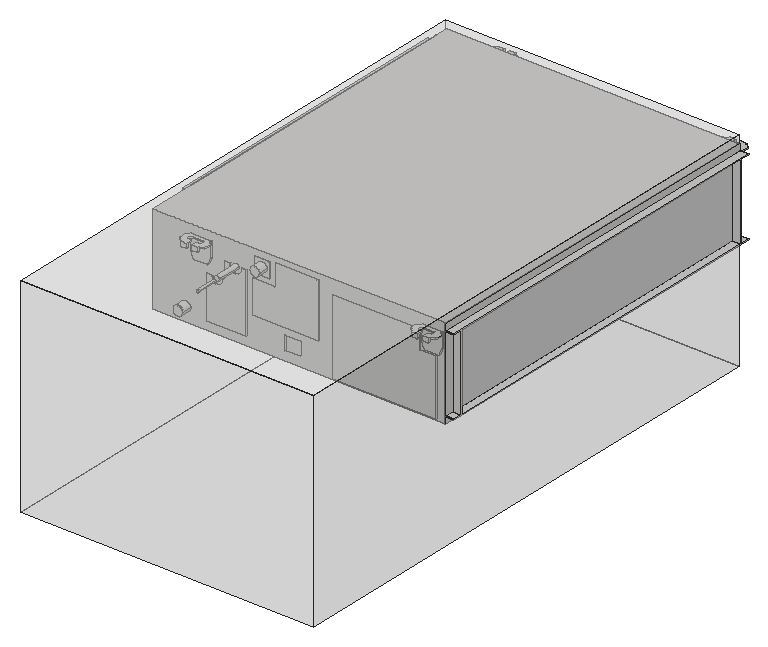
Revit family "outputfile", category 機械設備, Revit 2024
Family settings
  丸型コネクタ寸法 = 半径を使用
  パーツ タイプ = 標準
  OmniClass 番号 = 23.75.10.24.21.27.27
  OmniClass タイトル = Split System Air Conditioning Units
  作業面ベース = いいえ
  常に垂直 = はい
  ロード時にボイドで切り取り = いいえ
  注釈の向きを維持 = いいえ
  共有 = いいえ
  部屋計算ポイント = はい
Parameters (values of type "FXSA80AVMS")
  製造元 = "Daikin"
  書き出し IFC クラス(タイプ) = "IfcUnitaryEquipmentType"
  定義済み IFC タイプ(タイプ) = "AIRCONDITIONINGUNIT"
  モデル = "FXSA80AVMS"
  switch_frequency = yes
  r_Liquid Pipe Size = Liquid Pipe Size / 2  # 3.2 mm
  r_Gas Pipe Size = Gas Pipe Size / 2  # 6.35 mm
  r_Drain Pipe Size = Drain Pipe Size / 2  # 12.5 mm
  lw_power = 770.0 mm
  lh_SA = 138.0 mm
  lw_SA = if(Width = 550.0 mm, 225.0 mm, if(Width = 700.0 mm, 300.0 mm, if(Width = 1000.0 mm, 450.0 mm, if(Width = 1400.0 mm, 650.0 mm, 725.0 mm))))  # 450.0 mm
  lw_RA = if(Width = 550.0 mm, 275.0 mm, if(Width = 700.0 mm, 349.0 mm, if(Width = 1000.0 mm, 499.0 mm, if(Width = 1400.0 mm, 699.0 mm, 775.0 mm))))  # 499.0 mm
  lh_power = 60.0 mm + [h***]  # 60.0 mm
  lh_mountinghole1 = lh_mountinghole + [h***]  # 222.0 mm
  lh_RA = 123.0 mm
  ld_power = Width / 2  # 500.0 mm
  connector_voltage = Voltage_50Hz  # 220 V
  connector_powerinput = [Power Input (Cooling)]  # 0.126 kW
  connector_phase = Phase_50Hz  # 1
  Voltage_comment_50Hz = "220"
  Voltage_50Hz = 220 V
  Total Heating Capacity [instance] = 0.000 kW
  Supply Air Direction [instance] = yes
  Sound Power Level_H speed (dB) = 65.5
  Power Input (Heating) = 0.121 kW
  Phase_50Hz = 1
  Nominal Heating Capacity = 10.000 kW
  Minimum External Static Pressure = 50.00 Pa
  Minimum Circuit Amps_50Hz = 1.9 A
  Maximum Fuse Amps_50Hz = 16.0 A
  Maximum External Static Pressure = 150.00 Pa
  Material_Casing = DAIKIN_GalvanizedSteel_Casing_indoorunit
  lw_mountinghole = 630.0 mm
  lh_gaspipe = 183.0 mm + [h***]  # 183.0 mm
  lh_mountinghole = 222.0 mm
  lh_liquidpipe = 136.0 mm + [h***]  # 136.0 mm
  lh_drainpipe = 207.0 mm + [h***]  # 207.0 mm
  lh_antena = Height - lh_mountinghole + 1.0 mm  # 24.0 mm
  ld_drainpipe = Width / 2 + 26.0 mm  # 526.0 mm
  ld_liquidpipe = 569.0 mm
  ld_gaspipe = Width / 2 + 65.0 mm  # 565.0 mm
  ld_mountinghole = Width + 38.0 mm  # 1038.0 mm
  h*** = 0.0 mm
  lw_liquidpipe = 179.0 mm
  lw_gaspipe = 229.0 mm
  lw_drainpipe = 300.0 mm
  Width = 1000.0 mm
  Version = "ver.1.0"
  Unit Type = "Duct_M.S.P."
  Unit Mass Weight = 37.00 kg
  Unit Designation [instance] = ""
  Uniclass2015Version = "Products v1.30"
  Uniclass2015Title = "Variable refrigerant flow units"
  Uniclass2015Code = "Pr_70_65_03_94"
  Total Cooling Capacity [instance] = 0.000 kW
  Sound Pressure Level_M speed (dBA) = 34
  Sound Pressure Level_L speed (dBA) = 30
  Sound Pressure Level_H speed (dBA) = 37.5
  Series = "VRV Fan Coil Unit"
  Sensible Cooling Capacity [instance] = 0.000 kW
  SA Duct Size Width = 792.0 mm
  SA Duct Size Height = 176.0 mm
  Refrigerant Type = "R32"
  RA Duct Size Width = 952.0 mm
  RA Duct Size Height = 208.0 mm
  Power Input (Cooling) = 0.126 kW
  Option Accessory 3 [instance] = ""
  Option Accessory 2 [instance] = ""
  Option Accessory 1 [instance] = ""
  Nominal Cooling Capacity = 9.000 kW
  Minimum Airflow = 960.00 m³/h
  Median Airflow = 1170.00 m³/h
  Maximum Airflow = 1380.00 m³/h
  Load Classification = HVAC
  Liquid Pipe Size = 6.4 mm
  Link_Nested Family [instance] = ""
  IfcVersion = ""
  IfcExportType = "AIRCONDITIONINGUNIT"
  IfcExportAs = "IfcUnitaryEquipmentType"
  Height = 245.0 mm
  Heating Entering Wet Bulb Temperature [instance] = -273.15 °C
  Heating Entering Dry Bulb Temperature [instance] = -273.15 °C
  Heating Ambient Wet Bulb Temperature [instance] = -273.15 °C
  Heating Ambient Dry Bulb Temperature [instance] = -273.15 °C
  Heat Exchanger Type = "Cross Fin Coil"
  Gas Pipe Size = 12.7 mm
  Frequency_50Hz = 50 Hz
  Fan Type = "Sirocco Fan"
  Fan Drive = "Direct Drive"
  FCU Tag No. [instance] = ""
  Drain Pipe Size = 25.0 mm
  Design Supply Airflow [instance] = 0.00 m³/h
  Design Return Airflow [instance] = 0.00 m³/h
  Design External Static Pressure [instance] = 0.00 Pa
  Depth = 800.0 mm
  既定の高さ = 0.0 mm
  Cooling Entering Wet Bulb Temperature [instance] = 0.00 °C
  Cooling Entering Dry Bulb Temperature [instance] = 0.00 °C
  Cooling Ambient Wet Bulb Temperature [instance] = 0.00 °C
  Cooling Ambient Dry Bulb Temperature [instance] = 0.00 °C
  Clearance visibility [instance] = yes
  Clearance Top = 20.0 mm
  Clearance Right = 0.0 mm
  Clearance Rear = 0.0 mm
  Clearance Left = 0.0 mm
  Clearance Front = 450.0 mm
  Clearance Bottom = 300.0 mm
Reference planes
  plane 1 "Center (Front/Back)": y = 0
  plane 2 "h": z = 0
  plane 3 "Center (Left/Right)": x = 0
  plane 4 "Back": y = 500
  plane 5 "Front": y = -500
  plane 6 "Left": x = -400
  plane 7 "Right": x = 400
  plane 8 "Top": z = 0
  plane 9 "Bottom": z = -245
  plane 10: y = -215
  plane 11: y = 500
  plane 12: y = -950
  plane 13: x = -400
  plane 14: x = 400
  plane 15: z = 20
  plane 16: z = -545
  plane 17: x = -400
  plane 18: x = -399
  plane 19: x = 399
  plane 20: y = 50
  plane 21: y = -1
  plane 22: z = -122
  plane 23: y = -501
  plane 24: z = -109
  plane 25: x = -221
  plane 26: y = -565
  plane 27: z = -62
  plane 28: x = -171
  plane 29: y = -526
  plane 30: z = -38
  plane 31: x = -100
  plane 32: x = -100
  plane 33: x = -221
  plane 34: x = -171
  plane 35: x = 370
  plane 36: x = -266
  plane 37: x = 364
  plane 38: y = -519
  plane 39: y = 519
  plane 40: z = -23
  plane 41: z = -107
  plane 42: y = -569
  plane 43: z = -207
  plane 44: x = -309
  plane 45: y = -376
  plane 46: x = -251
  plane 47: x = -203
  plane 48: x = -144
  plane 49: z = -59
  plane 50: z = -106
  plane 51: z = -221
  plane 52: z = -109
  plane 53: x = -221
  plane 54: z = -62
  plane 55: x = -171
  plane 56: z = -17
  plane 57: z = -59
  plane 58: x = -121
  plane 59: x = -79
  plane 60: x = -125
  plane 61: x = -64
  plane 62: x = 53
  plane 63: z = -164
  plane 64: z = -73
  plane 65: z = -16
  plane 66: x = 93.5
  plane 67: x = 374.5
  plane 68: x = 330
  plane 69: z = -88.5
  plane 70: z = -38
  plane 71: z = -242.5
  plane 72: x = -38.5
  plane 73: x = 6.5
  plane 74: z = -181
  plane 75: z = -221
  plane 76: y = -499
  plane 77: x = -424
  plane 78: x = 424
Forms (mm)
  Extrusion 1, solid, material "DAIKIN_GalvanizedSteel_Casing_indoorunit" <- "Material_Casing"
    sketch origin (0, 0, 0) x (1, 0, 0) y (0, 1, 0)
      loop
        line (-399, 500) -> (-399, -500) -> (399, -500) -> (399, 500) -> (-399, 500)
    from -245 to 0
  Extrusion 2, solid, material "DAIKIN_GalvanizedSteel_Casing_indoorunit" <- "Material_Casing"
    sketch origin (0, 0, 0) x (1, 0, 0) y (0, 0, 1)
      loop
        line (-251, -221) -> (-144, -221) -> (-144, -59) -> (-154.47, -59)
        arc (-154.47, -59) -> (-171, -78.8) -> (-187.53, -59) r 16.8
        line (-187.53, -59) -> (-203, -59) -> (-203, -106) -> (-206.916, -106)
        arc (-206.916, -106) -> (-221, -123.4) -> (-235.084, -106) r 14.4
        line (-235.084, -106) -> (-251, -106) -> (-251, -221)
    from 500 to 501
  Extrusion 3, solid, material "DAIKIN_GalvanizedSteel_Casing_indoorunit" <- "Material_Casing"
    sketch origin (0, 0, 0) x (1, 0, 0) y (0, 0, 1)
      loop
        line (-121, -17) -> (-121, -59) -> (-79, -59) -> (-79, -17) -> (-121, -17)
      loop
        line (-125, -73) -> (-125, -164) -> (53, -164) -> (53, -16) -> (-64, -16) -> (-64, -73) -> (-125, -73)
    from 500 to 501
  Extrusion 4, solid, material "DAIKIN_GalvanizedSteel_Casing_indoorunit" <- "Material_Casing"
    sketch origin (0, 0, 0) x (1, 0, 0) y (0, 0, 1)
      loop
        line (93.5, -38) -> (93.5, -242.5) -> (374.5, -242.5) -> (374.5, -88.5) -> (330, -88.5) -> (330, -38) -> (93.5, -38)
    from 500 to 501
  Extrusion 5, solid, material "DAIKIN_GalvanizedSteel_Casing_indoorunit" <- "Material_Casing"
    sketch origin (0, 0, 0) x (1, 0, 0) y (0, 0, 1)
      loop
        circle (-221, -109) r 3.2
    from 500 to 569
  Extrusion 6, solid, material "DAIKIN_GalvanizedSteel_Casing_indoorunit" <- "Material_Casing"
    sketch origin (0, 0, 0) x (1, 0, 0) y (0, 0, 1)
      loop
        circle (-171, -62) r 6.35
    from 500 to 565
  Extrusion 7, solid, material "DAIKIN_GalvanizedSteel_Casing_indoorunit" <- "Material_Casing"
    sketch origin (0, 0, 0) x (1, 0, 0) y (0, 0, 1)
      loop
        circle (-100, -38) r 12.5
    from 501 to 526
  Extrusion 8, solid, material "DAIKIN_GalvanizedSteel_Casing_indoorunit" <- "Material_Casing"
    sketch origin (0, 0, 0) x (1, 0, 0) y (0, 0, 1)
      loop
        circle (-309, -207) r 13
    from 500 to 526
  Extrusion 9, void
    sketch origin (0, 0, 0) x (1, 0, 0) y (0, 0, 1)
      loop
        line (-38.5, -181) -> (-38.5, -221) -> (6.5, -221) -> (6.5, -181) -> (-38.5, -181)
    from 499 to 500
Cuts and joins
  Extrusion 9 cuts Extrusion 1
Dimensions and locks
  "Height": plane 8 "Top" to plane 9 "Bottom"
  equal spacing: plane 4 "Back", plane 1 "Center (Front/Back)", plane 5 "Front"
  "Width": plane 4 "Back" to plane 5 "Front"
  equal spacing: plane 6 "Left", plane 3 "Center (Left/Right)", plane 7 "Right"
  "Depth": plane 6 "Left" to plane 7 "Right"
  "Clearance Left": plane 13 to plane 6 "Left"
  "Clearance Right": plane 7 "Right" to plane 14
  "Clearance Rear": plane 11 to plane 4 "Back"
  "Clearance Front": plane 5 "Front" to plane 12
  "Clearance Top": plane 15 to plane 8 "Top"
  "Clearance Bottom": plane 9 "Bottom" to plane 16
  locked: plane 17 to plane 18 at 1
  locked: plane 19 to plane 14 at 1
  "lw_SA": plane 11 to plane 20
  "lw_RA": plane 21 to plane 5 "Front"
  "lh_RA": plane 22 to plane 9 "Bottom"
  locked: plane 5 "Front" to plane 23 at 1
  "lw_liquidpipe": plane 25 to plane 6 "Left"
  "lh_liquidpipe": plane 24 to plane 9 "Bottom"
  "lh_gaspipe": plane 27 to plane 9 "Bottom"
  "lw_gaspipe": plane 28 to plane 6 "Left"
  "ld_gaspipe": plane 26 to plane 1 "Center (Front/Back)"
  "ld_drainpipe": plane 29 to plane 1 "Center (Front/Back)"
  "lh_drainpipe": plane 30 to plane 9 "Bottom"
  "lw_drainpipe": plane 31 to plane 6 "Left"
  "lw_drainpipe": plane 6 "Left" to plane 32
  "lw_liquidpipe": plane 6 "Left" to plane 33
  "lw_gaspipe": plane 6 "Left" to plane 34
  "lw_power": plane 6 "Left" to plane 35
  locked: plane 17 to plane 36 at 134
  "lw_mountinghole": plane 36 to plane 37
  equal spacing: plane 38, plane 1 "Center (Front/Back)", plane 39
  "ld_mountinghole": plane 39 to plane 38
  "lh_mountinghole": plane 40 to plane 9 "Bottom"
  "lh_SA": plane 41 to plane 9 "Bottom"
  locked: plane 44 to plane 6 "Left" at 91
  locked: plane 43 to plane 9 "Bottom" at 38
  plane 48 to plane 47 to plane 46 to plane 6 "Left" = 59.0 mm, 48.0 mm, 149.0 mm
  plane 8 "Top" to plane 49 to plane 50 to plane 51 = 59.0 mm locked, 47.0 mm locked, 115.0 mm locked
  plane 55 to plane 53 to plane 6 "Left" = 50.0 mm locked, 179.0 mm locked
  plane 54 to plane 52 to plane 9 "Bottom" = 47.0 mm locked, 136.0 mm locked
  plane 59 to plane 58 to plane 6 "Left" = 42.0 mm locked, 279.0 mm locked
  plane 8 "Top" to plane 56 to plane 57 = 17.0 mm locked, 42.0 mm locked
  plane 62 to plane 61 to plane 60 to plane 6 "Left" = 117.0 mm, 61.0 mm, 275.0 mm
  plane 8 "Top" to plane 65 to plane 64 = 16.0 mm locked, 57.0 mm locked
  locked: plane 65 to plane 63 at 148
  plane 8 "Top" to plane 70 to plane 69 to plane 71 = 38.0 mm locked, 50.5 mm locked, 154.0 mm locked
  plane 67 to plane 68 to plane 66 to plane 6 "Left" = 44.5 mm locked, 236.5 mm locked, 493.5 mm locked
  plane 8 "Top" to plane 74 to plane 75 = 181.0 mm locked, 40.0 mm locked
  plane 73 to plane 72 to plane 6 "Left" = 45.0 mm, 361.5 mm
  locked: plane 76 to plane 5 "Front" at 1
  locked: plane 77 to plane 17 at 24
  locked: plane 14 to plane 78 at 24
  "ld_liquidpipe": plane 42 to plane 1 "Center (Front/Back)"
  "r_Liquid Pipe Size": radius of Extrusion 5 sketch curve
  "r_Gas Pipe Size": radius of Extrusion 6 sketch curve
  "r_Drain Pipe Size": radius of Extrusion 7 sketch curve
  aligned and locked: level to plane 2 "h"
  aligned and locked: plane 8 "Top" to Extrusion 1
  aligned and locked: Extrusion 1 to plane 9 "Bottom"
  aligned and locked: nested 5 to plane 12
  aligned and locked: plane 13 to nested 5
  aligned and locked: plane 14 to nested 5
  aligned and locked: nested 5 to plane 13
  aligned and locked: plane 11 to nested 5
  aligned and locked: plane 15 to nested 5
  aligned and locked: plane 16 to nested 5
  aligned and locked: plane 5 "Front" to Extrusion 1 sketch curve
  aligned and locked: Extrusion 1 to plane 18
  aligned and locked: plane 19 to Extrusion 1
  aligned and locked: nested 7 to plane 18
  aligned and locked: nested 7 to plane 20
  aligned and locked: plane 19 to nested 8
  aligned and locked: plane 21 to nested 8
  aligned and locked: plane 22 to nested 8
  aligned and locked: Extrusion 2 to plane 23
  aligned and locked: plane 5 "Front" to Extrusion 2
  aligned and locked: Extrusion 3 to plane 23
  aligned and locked: plane 5 "Front" to Extrusion 3
  aligned and locked: plane 5 "Front" to Extrusion 4
  aligned and locked: Extrusion 5 sketch curve to plane 25
  aligned and locked: plane 24 to Extrusion 5 sketch curve
  aligned and locked: plane 5 "Front" to Extrusion 5
  aligned and locked: Extrusion 6 sketch curve to plane 28
  aligned and locked: plane 27 to Extrusion 6 sketch curve
  aligned and locked: plane 5 "Front" to Extrusion 6
  aligned and locked: Extrusion 7 sketch curve to plane 31
  aligned and locked: Extrusion 7 sketch curve to plane 30
  aligned and locked: Extrusion 7 to plane 29
  aligned and locked: plane 23 to Extrusion 7
  aligned and locked: nested 3 to plane 29
  aligned and locked: plane 32 to nested 3
  aligned and locked: nested 2 to plane 33
  aligned and locked: nested 1 to plane 34
  aligned and locked: Extrusion 6 to plane 26
  aligned and locked: nested 1 to plane 26
  aligned and locked: nested 6 to plane 5 "Front"
  aligned and locked: nested 6 to plane 35
  aligned and locked: plane 36 to nested 10
  aligned and locked: nested 10 to plane 5 "Front"
  aligned and locked: plane 37 to nested 9
  aligned and locked: nested 9 to plane 5 "Front"
  aligned and locked: nested 11 to plane 36
  aligned and locked: plane 4 "Back" to nested 11
  aligned and locked: nested 12 to plane 37
  aligned and locked: plane 4 "Back" to nested 12
  aligned and locked: plane 40 to nested 10
  aligned and locked: plane 40 to nested 11
  aligned and locked: plane 40 to nested 9
  aligned and locked: plane 40 to nested 12
  aligned and locked: plane 36 to nested 14
  aligned and locked: nested 14 to plane 39
  aligned and locked: plane 37 to nested 13
  aligned and locked: nested 13 to plane 39
  aligned and locked: plane 37 to nested 16
  aligned and locked: plane 38 to nested 16
  aligned and locked: plane 38 to nested 15
  aligned and locked: plane 36 to nested 15
  aligned and locked: plane 17 to plane 6 "Left"
  aligned and locked: plane 41 to nested 7
  aligned and locked: Extrusion 5 to plane 42
  aligned and locked: nested 2 to plane 42
  aligned and locked: Extrusion 8 sketch curve to plane 44
  aligned and locked: plane 43 to Extrusion 8 sketch curve
  aligned and locked: plane 5 "Front" to Extrusion 8
  aligned and locked: Extrusion 3 sketch curve to plane 56
  aligned and locked: Extrusion 3 sketch curve to plane 58
  aligned and locked: plane 57 to Extrusion 3 sketch curve
  aligned and locked: plane 59 to Extrusion 3 sketch curve
  aligned and locked: Extrusion 4 to plane 23
  aligned and locked: Extrusion 9 sketch curve to plane 74
  aligned and locked: plane 75 to Extrusion 9 sketch curve
  aligned and locked: plane 73 to Extrusion 9 sketch curve
  aligned and locked: plane 5 "Front" to Extrusion 9
  aligned and locked: plane 76 to Extrusion 9
  aligned and locked: nested 17 to plane 20
  aligned and locked: nested 17 to plane 77
  aligned and locked: plane 21 to nested 18
  aligned and locked: plane 78 to nested 18
  aligned and locked: plane 41 to nested 17
  aligned and locked: nested 18 to plane 22
  aligned and locked: nested 4 to plane 3 "Center (Left/Right)"
  aligned and locked: plane 1 "Center (Front/Back)" to nested 4
  aligned and locked: level to plane 8 "Top"
  aligned and locked: Extrusion 8 to plane 29
Automatic sketch dimensions
  plane 6 "Left" to Extrusion 1 sketch curve = 1.0 mm
  Extrusion 1 sketch curve to plane 7 "Right" = 1.0 mm
  Extrusion 1 sketch curve to plane 4 "Back" = 0.0 mm
  Extrusion 2 sketch curve to plane 46 = 0.0 mm
  Extrusion 2 sketch curve to plane 33 = 0.0 mm
  Extrusion 2 sketch curve to plane 47 = 0.0 mm
  Extrusion 2 sketch curve to plane 34 = 0.0 mm
  Extrusion 2 sketch curve to plane 48 = 0.0 mm
  Extrusion 2 sketch curve to plane 51 = 0.0 mm
  Extrusion 2 sketch curve to plane 52 = 0.0 mm
  Extrusion 2 sketch curve to plane 50 = 0.0 mm  (x3)
  Extrusion 2 sketch curve to plane 54 = 0.0 mm
  Extrusion 2 sketch curve to plane 49 = 0.0 mm  (x3)
  plane 33 to Extrusion 2 sketch curve = 14.084 mm
  plane 34 to Extrusion 2 sketch curve = 16.53 mm
  Extrusion 3 sketch curve to plane 60 = 0.0 mm
  Extrusion 3 sketch curve to plane 61 = 0.0 mm
  Extrusion 3 sketch curve to plane 62 = 0.0 mm
  Extrusion 3 sketch curve to plane 63 = 0.0 mm
  Extrusion 3 sketch curve to plane 64 = 0.0 mm
  Extrusion 3 sketch curve to plane 65 = 0.0 mm
  Extrusion 4 sketch curve to plane 66 = 0.0 mm
  Extrusion 4 sketch curve to plane 68 = 0.0 mm
  Extrusion 4 sketch curve to plane 67 = 0.0 mm
  Extrusion 4 sketch curve to plane 71 = 0.0 mm
  Extrusion 4 sketch curve to plane 69 = 0.0 mm
  Extrusion 4 sketch curve to plane 70 = 0.0 mm
  Extrusion 9 sketch curve to plane 72 = 0.0 mm
  radius of Extrusion 8 sketch curve = 13.0 mm
Nested families
  nested 1: "daikin_connector_rotate2" at (-171, 0, -62), length <- "ld_gaspipe", built-in parameter 1001364 <- "lh_gaspipe", radius <- "r_Gas Pipe Size", type "daikin_connector_rotate2"
    with radius 6.35 mm, length 565.0 mm, angle_vertical 90.00°
  nested 2: "daikin_connector_rotate2" at (-221, 0, -109), length <- "ld_liquidpipe", built-in parameter 1001364 <- "lh_liquidpipe", radius <- "r_Liquid Pipe Size", type "daikin_connector_rotate2"
    with radius 3.2 mm, length 569.0 mm, angle_vertical 90.00°
  nested 3: "daikin_connector_rotate2" at (-100, 0, -38), length <- "ld_drainpipe", built-in parameter 1001364 <- "lh_drainpipe", radius <- "r_Drain Pipe Size", type "daikin_connector_rotate2"
    with radius 12.5 mm, length 526.0 mm, angle_vertical 90.00°
  nested 4: "daikin_△_symbolicline" at (0, 0, 245) x (0, -1, 0) z (0, 0, 1), built-in parameter 1001364 <- "Height", visible <- "Supply Air Direction", type "daikin_△_symbolicline"
    with length 200.0 mm
  nested 5: "daikin_clearancespace" at (0, -225, -262.381), visible <- "Clearance visibility", show <- "Clearance visibility", Link_Nested Family <- "Link_Nested Family", type "daikin_clearancespace"
    with width 800.0 mm, show yes, height 565.0 mm, depth 1450.0 mm, Link_Nested Family ""
  nested 6: "daikin_connector_rotate2" at (370, 0, -185), built-in parameter 1001364 <- "lh_power", length <- "ld_power", type "daikin_connector_rotate2"
    with radius 10.0 mm, length 500.0 mm, angle_vertical 90.00°
  nested 7: "daikin_ductflange_FXSA-AVMS2" at (-399, 50, -107) x (0, -1, 0) z (0, 0, 1), type "daikin_ductflange_FXSA-AVMS2"
    with width 792.0 mm, w 1000.0 mm
  nested 8: "daikin_ductflange_FXSA-AVMS" at (399, -1, -122) x (0, 1, 0) z (0, 0, 1), type "daikin_ductflange_FXSA-AVMS"
    with width 952.0 mm, lw 25.0 mm, w 1000.0 mm
  nested 9: "FXFSA-AVM" at (364, -500, -23), type "daikin_hangerfixture_FXFSA-AVM"
  nested 10: "FXFSA-AVM" at (-266, -500, -23), type "daikin_hangerfixture_FXFSA-AVM"
  nested 11: "FXFSA-AVM" at (-266, 500, -23) x (-1, 0, 0) z (0, 0, 1), type "daikin_hangerfixture_FXFSA-AVM"
  nested 12: "FXFSA-AVM" at (364, 500, -23) x (-1, 0, 0) z (0, 0, 1), type "daikin_hangerfixture_FXFSA-AVM"
  nested 13: "daikin_mountinghole" at (364, 519, -245), h_mountinghole <- "lh_mountinghole1", l_antenna <- "lh_antena", Link_Nested Family <- "Link_Nested Family", type "daikin_mountinghole"
    with show yes, l_antenna 24.0 mm, h_mountinghole 222.0 mm, Link_Nested Family ""
  nested 14: "daikin_mountinghole" at (-266, 519, -245), h_mountinghole <- "lh_mountinghole1", l_antenna <- "lh_antena", Link_Nested Family <- "Link_Nested Family", type "daikin_mountinghole"
    with show yes, l_antenna 24.0 mm, h_mountinghole 222.0 mm, Link_Nested Family ""
  nested 15: "daikin_mountinghole" at (-266, -519, -245), h_mountinghole <- "lh_mountinghole1", l_antenna <- "lh_antena", Link_Nested Family <- "Link_Nested Family", type "daikin_mountinghole"
    with show yes, l_antenna 24.0 mm, h_mountinghole 222.0 mm, Link_Nested Family ""
  nested 16: "daikin_mountinghole" at (364, -519, -245), h_mountinghole <- "lh_mountinghole1", l_antenna <- "lh_antena", Link_Nested Family <- "Link_Nested Family", type "daikin_mountinghole"
    with show yes, l_antenna 24.0 mm, h_mountinghole 222.0 mm, Link_Nested Family ""
  nested 17: "daikin_connector_rotate2" at (-400, 50, -107) x (0, -1, 0) z (0, 0, 1), type "daikin_connector_rotate2"
    with radius 10.0 mm, length 24.0 mm, angle_vertical 90.00°
  nested 18: "daikin_connector_rotate2" at (400, -1, -122) x (0, 1, 0) z (0, 0, 1), type "daikin_connector_rotate2"
    with radius 10.0 mm, length 24.0 mm, angle_vertical 90.00°
Connectors
  piping at (-100, -526, -38), diameter 25, driven by "r_Drain Pipe Size"
    settings: on nested 3, index 3, connector inside diameter 609.6 mm, connector length 0.0 mm, flow factor 0, pipe flow 0.00 m³/h, pressure drop 0.0 Pa, fitting loss kfactor 0, connector angle 0.00°, fixture units 0, engagement length 0.0 mm, angle of deflection 0.00°, flow configuration 1, flow direction 2, fitting loss method 4, system type 16, joint type 0, gender type 0, connector reference index -1, connector utility 0, adjustable connector no, is connector primary yes, connector description "Condensate Drain Piping"
  piping at (-171, -565, -62), diameter 12.7, driven by "r_Gas Pipe Size"
    settings: on nested 1, index 4, connector inside diameter 609.6 mm, connector length 0.0 mm, flow factor 0, pipe flow 0.00 m³/h, pressure drop 0.0 Pa, fitting loss kfactor 0, connector angle 0.00°, fixture units 0, engagement length 0.0 mm, angle of deflection 0.00°, flow configuration 1, flow direction 2, fitting loss method 0, system type 29, joint type 0, gender type 0, connector reference index -1, connector utility 0, adjustable connector no, is connector primary no, connector description "Refrigerant Gas Piping"
  piping at (-221, -569, -109), diameter 6.4, driven by "r_Liquid Pipe Size"
    settings: on nested 2, index 5, connector inside diameter 609.6 mm, connector length 0.0 mm, flow factor 0, pipe flow 0.00 m³/h, pressure drop 0.0 Pa, fitting loss kfactor 0, connector angle 0.00°, fixture units 0, engagement length 0.0 mm, angle of deflection 0.00°, flow configuration 1, flow direction 1, fitting loss method 0, system type 29, joint type 0, gender type 0, connector reference index -1, connector utility 0, adjustable connector no, is connector primary no, connector description "Refrigerant Liquid Piping"
  electrical at (370, -500, -185), driven by "Load Classification", driven by "connector_voltage", driven by "connector_phase", driven by "connector_powerinput"
    settings: on nested 6, index 6, voltage 220 V, apparent load 126 VA, apparent load phase1 0 VA, apparent load phase2 0 VA, apparent load phase3 0 VA, power factor 1, load classification "HVAC", number of poles 1, system type 30, power factor state 1, is connector primary yes, connector utility no, sub classification motor no, connector description "Power Supply"
  hvac at (-424, 50, -107), driven by "SA Duct Size Height", driven by "SA Duct Size Width"
    settings: on nested 17, index 7, duct flow 0.00 m³/h, flow factor 0, pres drop 0.00 Pa, loss coef 0, conn angle 0.00°, conn width 792.0 mm, conn height 176.0 mm, conn diameter 609.6 mm, duct sys type 1, conn prof type 1, flow config 0, flow direction 2, loss method 4, conn ref index -1, conn util no, is conn primary yes, conn desc "SA Duct"
  hvac at (424, -1, -122), driven by "RA Duct Size Height", driven by "RA Duct Size Width"
    settings: on nested 18, index 8, duct flow 0.00 m³/h, flow factor 0, pres drop 0.00 Pa, loss coef 0, conn angle 0.00°, conn width 952.0 mm, conn height 208.0 mm, conn diameter 609.6 mm, duct sys type 2, conn prof type 1, flow config 0, flow direction 1, loss method 4, conn ref index -1, conn util no, is conn primary no, conn desc "RA Duct"
Definition of nested family "daikin_clearancespace"
  Parameters (values of type "daikin_clearancespace")
    Description = "daikin_clearancespace"
    width [instance] = 1823.963 mm
    show [instance] = yes
    material = none
    height [instance] = 1359.762 mm
    depth [instance] = 880.0 mm
    Default Elevation = 0.0 mm
    Link_Nested Family [instance] = ""
  Reference planes
    plane 1 "Center (Front/Back)": y = 0
    plane 2 "Center (Elevation)": z = -0.119
    plane 3 "Center (Left/Right)": x = 0
    plane 4: y = 440
    plane 5: y = -440
    plane 6 "Right": x = 911.982
    plane 7 "Left": x = -911.982
    plane 8 "Top": z = 679.762
    plane 9 "Bottom": z = -680
  Forms (mm)
    Extrusion 1, solid, material <- "material", visible <- "show"
      sketch origin (0, 0, 0) x (1, 0, 0) y (0, 1, 0)
        loop
          line (-911.982, 440) -> (-911.982, -440) -> (911.982, -440) -> (911.982, 440) -> (-911.982, 440)
      from -680 to 679.762
  Lines and regions (mm)
    symbolic lines, visible <- "show"
      curve 1: line (911.982, 440, 0) -> (-911.982, 440, 0)
      curve 2: line (-911.982, 440, 0) -> (-911.982, -440, 0)
      curve 3: line (-911.982, -440, 0) -> (911.982, -440, 0)
      curve 4: line (911.982, -440, 0) -> (911.982, 440, 0)
      curve 5: line (911.982, 0, 679.762) -> (-911.982, 0, 679.762)
      curve 6: line (911.982, 0, -680) -> (911.982, 0, 679.762)
      curve 7: line (-911.982, 0, -680) -> (911.982, 0, -680)
      curve 8: line (-911.982, 0, 679.762) -> (-911.982, 0, -680)
      curve 9: line (0, 440, 679.762) -> (0, -440, 679.762)
      curve 10: line (0, -440, 679.762) -> (0, -440, -680)
      curve 11: line (0, 440, -680) -> (0, 440, 679.762)
      curve 12: line (0, -440, -680) -> (0, 440, -680)
  Dimensions and locks
    "width": plane 7 "Left" to plane 6 "Right"
    "depth": plane 4 to plane 5
    "height": plane 8 "Top" to plane 9 "Bottom"
    equal spacing: plane 7 "Left", plane 3 "Center (Left/Right)", plane 6 "Right"
    equal spacing: plane 4, plane 1 "Center (Front/Back)", plane 5
    equal spacing: plane 8 "Top", plane 2 "Center (Elevation)", plane 9 "Bottom"
    aligned and locked: level to plane 2 "Center (Elevation)"
    aligned and locked: Extrusion 1 sketch curve to plane 4
    aligned and locked: plane 7 "Left" to Extrusion 1 sketch curve
    aligned and locked: Extrusion 1 sketch curve to plane 5
    aligned and locked: Extrusion 1 sketch curve to plane 6 "Right"
    aligned and locked: plane 8 "Top" to Extrusion 1
    aligned and locked: curve 1 to Extrusion 1
    aligned and locked: curve 2 to Extrusion 1
    aligned and locked: curve 3 to Extrusion 1
    aligned and locked: curve 4 to Extrusion 1
    aligned and locked: curve 5 to Extrusion 1
    aligned and locked: curve 6 to Extrusion 1
    aligned and locked: curve 7 to Extrusion 1
    aligned and locked: curve 8 to Extrusion 1
    aligned and locked: curve 9 to Extrusion 1
    aligned and locked: curve 10 to Extrusion 1
    aligned and locked: curve 11 to Extrusion 1
    aligned and locked: curve 12 to Extrusion 1
    aligned and locked: Extrusion 1 to plane 9 "Bottom"
Definition of nested family "daikin_ductflange_FXSA-AVMS2"
  Parameters (values of type "daikin_ductflange_FBA-BVMA2")
    width = if(w = 550.0 mm, 337.0 mm, if(w = 700.0 mm, 492.0 mm, if(w = 1000.0 mm, 792.0 mm, if(w = 1400.0 mm, 1192.0 mm, 1337.0 mm))))  # 492.0 mm
    w1 = if(w = 550.0 mm, 24.0 mm, if(w = 700.0 mm, 21.5 mm, if(w = 1000.0 mm, 21.5 mm, if(w = 1400.0 mm, 21.5 mm, 24.0 mm))))  # 21.5 mm
    material = none
    height = 215.0 mm
    depth = 1.0 mm
    w = 700.0 mm
    Default Elevation = 0.0 mm
  Reference planes
    plane 1 "Center (Front/Back)": y = 0
    plane 2: z = 0
    plane 3 "Center (Left/Right)": x = 0
    plane 4: z = 88
    plane 5: z = -88
    plane 6: y = -25
    plane 7: z = 106
    plane 8: z = 89
    plane 9: y = -1
    plane 10: x = -267.5
    plane 11: x = 267.5
    plane 12: z = -106
    plane 13: z = -89
    plane 14: y = -1
    plane 15: x = 246
    plane 16: x = -246
    plane 17: x = 247
    plane 18: z = 87
    plane 19: z = -87
    plane 20: x = -247
    plane 21: z = 87
    plane 22: z = -87
    plane 23: y = -1
  Forms (mm)
    Extrusion 1, solid, material <- "material"
      sketch origin (0, 0, 0) x (0, 1, 0) y (0, 0, 1)
        loop
          line (-25, 88) -> (0, 88) -> (0, 106) -> (-1, 106) -> (-1, 89) -> (-25, 89) -> (-25, 88)
      from -267.5 to 267.5
    Extrusion 2, solid, material <- "material"
      sketch origin (0, 0, 0) x (0, 1, 0) y (0, 0, 1)
        loop
          line (-25, -88) -> (-25, -89) -> (-1, -89) -> (-1, -106) -> (0, -106) -> (0, -88) -> (-25, -88)
      from -267.5 to 267.5
    Extrusion 3, solid, material <- "material"
      sketch origin (0, 0, 0) x (1, 0, 0) y (0, 0, 1)
        loop
          line (246, 88) -> (246, -88) -> (267.5, -88) -> (267.5, -87) -> (247, -87) -> (247, 87) -> (267.5, 87) -> (267.5, 88) -> (246, 88)
      from 0 to 25
    Extrusion 4, solid, material <- "material"
      sketch origin (0, 0, 0) x (1, 0, 0) y (0, 0, 1)
        loop
          line (-267.5, 88) -> (-267.5, 87) -> (-247, 87) -> (-247, -87) -> (-267.5, -87) -> (-267.5, -88) -> (-246, -88) -> (-246, 88) -> (-267.5, 88)
      from 0 to 25
    Extrusion 5, solid, material <- "material"
      sketch origin (0, 0, 0) x (1, 0, 0) y (0, 0, 1)
        loop
          line (-267.5, 88) -> (-267.5, -88) -> (-246, -88) -> (-246, 88) -> (-267.5, 88)
        loop
          line (267.5, 88) -> (246, 88) -> (246, -88) -> (267.5, -88) -> (267.5, 88)
      from 0 to 1
  Cuts and joins
    joined: Extrusion 1, Extrusion 2, Extrusion 3, Extrusion 4, Extrusion 5
  Dimensions and locks
    plane 4 to level to plane 5 = 88.0 mm, 88.0 mm
    locked: plane 6 to plane 1 "Center (Front/Back)" at 25
    locked: plane 9 to plane 1 "Center (Front/Back)" at 1
    locked: plane 8 to plane 4 at 1
    "w1": plane 16 to plane 10
    locked: plane 17 to plane 15 at 1
    locked: plane 4 to plane 18 at 1
    locked: plane 19 to plane 5 at 1
    "width": plane 15 to plane 16
    plane 4 to plane 5 = 176.0 mm
    locked: plane 16 to plane 20 at 1
    locked: plane 4 to plane 21 at 1
    locked: plane 22 to plane 5 at 1
    locked: plane 23 to plane 1 "Center (Front/Back)" at 1
    plane 4 to level to plane 5 = 88.0 mm locked, 88.0 mm locked
    locked: plane 5 to plane 13 at 1
    locked: plane 5 to plane 12 at 18
    locked: plane 7 to plane 4 at 18
    equal spacing: plane 15, plane 3 "Center (Left/Right)", plane 16
    "w1": plane 11 to plane 15
    plane 11 to plane 10 = 535.0 mm
    aligned and locked: level to plane 2
    aligned and locked: Extrusion 1 to plane 10
    aligned and locked: plane 11 to Extrusion 1
    aligned and locked: plane 5 to Extrusion 2
    aligned and locked: Extrusion 2 to plane 1 "Center (Front/Back)"
    aligned and locked: plane 15 to Extrusion 3 sketch curve
    aligned and locked: Extrusion 3 sketch curve to Extrusion 2  (x2)
    aligned and locked: Extrusion 3 sketch curve to plane 11
    aligned and locked: plane 6 to Extrusion 3
    aligned and locked: Extrusion 2 to plane 10
    aligned and locked: plane 11 to Extrusion 2
    aligned and locked: Extrusion 4 sketch curve to Extrusion 1  (x2)
    aligned and locked: plane 5 to Extrusion 4 sketch curve
    aligned and locked: Extrusion 4 sketch curve to plane 16
    aligned and locked: Extrusion 4 sketch curve to plane 22
    aligned and locked: plane 20 to Extrusion 4 sketch curve
    aligned and locked: plane 21 to Extrusion 4 sketch curve
    aligned and locked: Extrusion 4 to plane 1 "Center (Front/Back)"
    aligned and locked: plane 6 to Extrusion 4
    aligned and locked: Extrusion 5 sketch curve to Extrusion 1  (x4)
    aligned and locked: Extrusion 5 sketch curve to Extrusion 4  (x2)
    aligned and locked: Extrusion 5 sketch curve to Extrusion 3  (x2)
    aligned and locked: Extrusion 5 to plane 1 "Center (Front/Back)"
    aligned and locked: plane 23 to Extrusion 5
  Automatic sketch dimensions
    Extrusion 1 sketch curve to plane 6 = 0.0 mm
    Extrusion 1 sketch curve to plane 7 = 0.0 mm
    Extrusion 1 sketch curve to plane 9 = 0.0 mm
    Extrusion 1 sketch curve to plane 1 "Center (Front/Back)" = 0.0 mm
    Extrusion 1 sketch curve to plane 4 = 0.0 mm
    Extrusion 1 sketch curve to plane 8 = 0.0 mm
    Extrusion 2 sketch curve to plane 6 = 0.0 mm
    plane 12 to Extrusion 2 sketch curve = 0.0 mm
    Extrusion 2 sketch curve to plane 14 = 0.0 mm
    Extrusion 2 sketch curve to plane 1 "Center (Front/Back)" = 0.0 mm
    plane 13 to Extrusion 2 sketch curve = 0.0 mm
    Extrusion 2 sketch curve to plane 5 = 0.0 mm
    Extrusion 3 sketch curve to plane 17 = 0.0 mm
    Extrusion 3 sketch curve to plane 19 = 0.0 mm
    Extrusion 3 sketch curve to plane 18 = 0.0 mm
    Extrusion 3 sketch curve to plane 4 = 0.0 mm
    Extrusion 4 sketch curve to plane 10 = 0.0 mm
Definition of nested family "daikin_ductflange_FXSA-AVMS"
  Parameters (values of type "daikin_ductflange_FBFC-DVMG")
    width = if(w = 550.0 mm, 502.0 mm, if(w = 700.0 mm, 654.0 mm, if(w = 1000.0 mm, 952.0 mm, if(w = 1400.0 mm, 1352.0 mm, 1502.0 mm))))  # 654.0 mm
    material = none
    lw = if(width = 654.0 mm, 23.0 mm, 25.0 mm)  # 23.0 mm
    height = 208.0 mm
    depth = 1.0 mm
    w = 700.0 mm
    Default Elevation = 0.0 mm
  Reference planes
    plane 1 "Center (Front/Back)": y = 0
    plane 2: z = 0
    plane 3 "Center (Left/Right)": x = 0
    plane 4: z = 104
    plane 5: z = -104
    plane 6: y = -25
    plane 7: z = 121
    plane 8: z = 105
    plane 9: y = -1
    plane 10: x = -350
    plane 11: x = 350
    plane 12: z = -122
    plane 13: z = -105
    plane 14: y = -1
    plane 15: x = 327
    plane 16: x = -327
    plane 17: x = 328
    plane 18: z = 103
    plane 19: z = -103
    plane 20: x = -328
    plane 21: z = 103
    plane 22: z = -103
    plane 23: y = -1
  Forms (mm)
    Extrusion 1, solid, material <- "material"
      sketch origin (0, 0, 0) x (0, 1, 0) y (0, 0, 1)
        loop
          line (-25, 104) -> (0, 104) -> (0, 121) -> (-1, 121) -> (-1, 105) -> (-25, 105) -> (-25, 104)
      from -350 to 350
    Extrusion 2, solid, material <- "material"
      sketch origin (0, 0, 0) x (0, 1, 0) y (0, 0, 1)
        loop
          line (-25, -104) -> (-25, -105) -> (-1, -105) -> (-1, -122) -> (0, -122) -> (0, -104) -> (-25, -104)
      from -350 to 350
    Extrusion 3, solid, material <- "material"
      sketch origin (0, 0, 0) x (1, 0, 0) y (0, 0, 1)
        loop
          line (327, 104) -> (327, -104) -> (350, -104) -> (350, -103) -> (328, -103) -> (328, 103) -> (350, 103) -> (350, 104) -> (327, 104)
      from 0 to 25
    Extrusion 4, solid, material <- "material"
      sketch origin (0, 0, 0) x (1, 0, 0) y (0, 0, 1)
        loop
          line (-350, 104) -> (-350, 103) -> (-328, 103) -> (-328, -103) -> (-350, -103) -> (-350, -104) -> (-327, -104) -> (-327, 104) -> (-350, 104)
      from 0 to 25
    Extrusion 5, solid, material <- "material"
      sketch origin (0, 0, 0) x (1, 0, 0) y (0, 0, 1)
        loop
          line (-350, 104) -> (-350, -104) -> (-327, -104) -> (-327, 104) -> (-350, 104)
        loop
          line (350, 104) -> (327, 104) -> (327, -104) -> (350, -104) -> (350, 104)
      from 0 to 1
  Cuts and joins
    joined: Extrusion 1, Extrusion 2, Extrusion 3, Extrusion 4, Extrusion 5
  Dimensions and locks
    plane 4 to level to plane 5 = 104.0 mm, 104.0 mm
    locked: plane 6 to plane 1 "Center (Front/Back)" at 25
    locked: plane 9 to plane 1 "Center (Front/Back)" at 1
    locked: plane 8 to plane 4 at 1
    "lw": plane 11 to plane 15
    "lw": plane 16 to plane 10
    locked: plane 17 to plane 15 at 1
    locked: plane 4 to plane 18 at 1
    locked: plane 19 to plane 5 at 1
    "width": plane 15 to plane 16
    equal spacing: plane 15, plane 3 "Center (Left/Right)", plane 16
    locked: plane 16 to plane 20 at 1
    locked: plane 4 to plane 21 at 1
    locked: plane 22 to plane 5 at 1
    locked: plane 23 to plane 1 "Center (Front/Back)" at 1
    locked: plane 7 to plane 4 at 17
    locked: plane 1 "Center (Front/Back)" to plane 14 at 1
    locked: plane 5 to plane 13 at 1
    "height": plane 4 to plane 5
    plane 11 to plane 10 = 700.0 mm
    locked: plane 12 to plane 13 at 17
    equal spacing: plane 4, level, plane 5
    aligned and locked: level to plane 2
    aligned and locked: Extrusion 1 to plane 10
    aligned and locked: plane 11 to Extrusion 1
    aligned and locked: plane 5 to Extrusion 2
    aligned and locked: Extrusion 2 to plane 1 "Center (Front/Back)"
    aligned and locked: plane 15 to Extrusion 3 sketch curve
    aligned and locked: Extrusion 3 sketch curve to Extrusion 2  (x2)
    aligned and locked: Extrusion 3 sketch curve to plane 11
    aligned and locked: plane 6 to Extrusion 3
    aligned and locked: Extrusion 2 to plane 10
    aligned and locked: plane 11 to Extrusion 2
    aligned and locked: Extrusion 4 sketch curve to Extrusion 1  (x2)
    aligned and locked: plane 5 to Extrusion 4 sketch curve
    aligned and locked: Extrusion 4 sketch curve to plane 16
    aligned and locked: Extrusion 4 sketch curve to plane 22
    aligned and locked: plane 20 to Extrusion 4 sketch curve
    aligned and locked: plane 21 to Extrusion 4 sketch curve
    aligned and locked: Extrusion 4 to plane 1 "Center (Front/Back)"
    aligned and locked: plane 6 to Extrusion 4
    aligned and locked: Extrusion 5 sketch curve to Extrusion 1  (x4)
    aligned and locked: Extrusion 5 sketch curve to Extrusion 4  (x2)
    aligned and locked: Extrusion 5 sketch curve to Extrusion 3  (x2)
    aligned and locked: Extrusion 5 to plane 1 "Center (Front/Back)"
    aligned and locked: plane 23 to Extrusion 5
  Automatic sketch dimensions
    Extrusion 1 sketch curve to plane 6 = 0.0 mm
    Extrusion 1 sketch curve to plane 7 = 0.0 mm
    Extrusion 1 sketch curve to plane 9 = 0.0 mm
    Extrusion 1 sketch curve to plane 1 "Center (Front/Back)" = 0.0 mm
    Extrusion 1 sketch curve to plane 4 = 0.0 mm
    Extrusion 1 sketch curve to plane 8 = 0.0 mm
    Extrusion 2 sketch curve to plane 6 = 0.0 mm
    plane 12 to Extrusion 2 sketch curve = 0.0 mm
    Extrusion 2 sketch curve to plane 14 = 0.0 mm
    Extrusion 2 sketch curve to plane 1 "Center (Front/Back)" = 0.0 mm
    plane 13 to Extrusion 2 sketch curve = 0.0 mm
    Extrusion 2 sketch curve to plane 5 = 0.0 mm
    Extrusion 3 sketch curve to plane 17 = 0.0 mm
    Extrusion 3 sketch curve to plane 19 = 0.0 mm
    Extrusion 3 sketch curve to plane 18 = 0.0 mm
    Extrusion 3 sketch curve to plane 4 = 0.0 mm
    Extrusion 4 sketch curve to plane 10 = 0.0 mm
Definition of nested family "FXFSA-AVM"
  Parameters (values of type "daikin_hangerfixture_FXMQ-PAVE")
    width = 72.0 mm
    material = none
    height = 60.0 mm
    depth = 41.0 mm
    Default Elevation = 0.0 mm
  Reference planes
    plane 1 "Center (Front/Back)": y = 0
    plane 2: z = 0
    plane 3 "Center (Left/Right)": x = 0
    plane 4: y = 417.146
    plane 5: y = -41
    plane 6: x = -36
    plane 7: x = 36
    plane 8: z = -2.3
    plane 9: z = -60
    plane 10: y = -2.3
    plane 11: z = -12
    plane 12: y = -38.7
  Forms (mm)
    Extrusion 1, solid, material <- "material"
      sketch origin (0, 0, 0) x (1, 0, 0) y (0, 1, 0)
        loop
          line (-28, 0) -> (-28, -5)
          arc (-28, -5) -> (-29.127, -8.162) -> (-32, -9.899) r 5
          arc (-32, -9.899) -> (-34.873, -11.636) -> (-36, -14.798) r 5
          line (-36, -14.798) -> (-36, -27.178)
          arc (-36, -27.178) -> (-35.429, -29.499) -> (-33.846, -31.289) r 5
          line (-33.846, -31.289) -> (-23, -38.798) -> (-23, -41.098) -> (-6.5, -41.098) -> (-6.5, -28.498)
          arc (-6.5, -28.498) -> (-7.379, -26.377) -> (-9.5, -25.498) r 3
          line (-9.5, -25.498) -> (-13.5, -25.498)
          arc (-13.5, -25.498) -> (-20, -18.998) -> (-13.5, -12.498) r 6.5
          line (-13.5, -12.498) -> (13.5, -12.498)
          arc (13.5, -12.498) -> (20, -18.998) -> (13.5, -25.498) r 6.5
          line (13.5, -25.498) -> (9.5, -25.498)
          arc (9.5, -25.498) -> (7.379, -26.377) -> (6.5, -28.498) r 3
          line (6.5, -28.498) -> (6.5, -41.098) -> (23, -41.098) -> (23, -38.798) -> (33.846, -31.289)
          arc (33.846, -31.289) -> (35.429, -29.499) -> (36, -27.178) r 5
          line (36, -27.178) -> (36, -14.596)
          arc (36, -14.596) -> (34.873, -11.434) -> (32, -9.697) r 5
          arc (32, -9.697) -> (29.127, -7.96) -> (28, -4.798) r 5
          line (28, -4.798) -> (28, 0) -> (-28, 0)
      from 0 to -2.3
    Extrusion 2, solid, material <- "material"
      sketch origin (0, 0, 0) x (1, 0, 0) y (0, 0, 1)
        loop
          line (28, -39.037) -> (28, 0) -> (-28, 0) -> (-28, -39.037)
          arc (-28, -39.037) -> (-27.91, -39.983) -> (-27.642, -40.894) r 5
          line (-27.642, -40.894) -> (-21.257, -56.857)
          arc (-21.257, -56.857) -> (-19.418, -59.14) -> (-16.615, -60) r 5
          line (-16.615, -60) -> (16.615, -60)
          arc (16.615, -60) -> (19.418, -59.14) -> (21.257, -56.857) r 5
          line (21.257, -56.857) -> (27.642, -40.894)
          arc (27.642, -40.894) -> (27.91, -39.983) -> (28, -39.037) r 5
      from 0 to 2.3
    Extrusion 3, solid, material <- "material"
      sketch origin (0, 0, 0) x (1, 0, 0) y (0, 0, 1)
        loop
          line (-23, 0) -> (-23, -9)
          arc (-23, -9) -> (-22.121, -11.121) -> (-20, -12) r 3
          line (-20, -12) -> (-9.5, -12)
          arc (-9.5, -12) -> (-7.379, -11.121) -> (-6.5, -9) r 3
          line (-6.5, -9) -> (-6.5, 0) -> (-23, 0)
        loop
          line (23, 0) -> (6.5, 0) -> (6.5, -9)
          arc (6.5, -9) -> (7.379, -11.121) -> (9.5, -12) r 3
          line (9.5, -12) -> (20, -12)
          arc (20, -12) -> (22.121, -11.121) -> (23, -9) r 3
          line (23, -9) -> (23, 0)
      from 38.8 to 41.098
  Cuts and joins
    joined: Extrusion 1, Extrusion 2, Extrusion 3
  Dimensions and locks
    plane 2 to plane 8 = 2.3 mm
    "height": plane 2 to plane 9
    locked: plane 10 to plane 1 "Center (Front/Back)" at 2.3
    locked: plane 2 to plane 11 at 12
    locked: plane 12 to plane 5 at 2.3
    aligned and locked: level to plane 2
    aligned and locked: Extrusion 1 to plane 8
    aligned and locked: plane 2 to Extrusion 1
    aligned and locked: plane 2 to Extrusion 2 sketch curve
    aligned and locked: Extrusion 2 to plane 10
    aligned and locked: Extrusion 2 to plane 1 "Center (Front/Back)"
    aligned and locked: Extrusion 3 sketch curve to cut or joined group of Extrusion 1, Extrusion 2, Extrusion 3  (x3)
    aligned and locked: cut or joined group of Extrusion 1, Extrusion 2, Extrusion 3 to Extrusion 3
  Automatic sketch dimensions
    Extrusion 2 sketch curve to plane 7 = 8.0 mm
    Extrusion 2 sketch curve to plane 8 = 36.737 mm
    plane 6 to Extrusion 2 sketch curve = 19.385 mm
    Extrusion 1 sketch curve to plane 6 = 0.0 mm
    plane 1 "Center (Front/Back)" to Extrusion 1 sketch curve = 0.0 mm
    Extrusion 1 sketch curve to plane 7 = 0.0 mm
    plane 6 to Extrusion 1 sketch curve = 2.154 mm
    plane 6 to Extrusion 1 sketch curve = 3.0 mm
    Extrusion 1 sketch curve to Extrusion 1 sketch curve = 5.0 mm  (x3)
    Extrusion 1 sketch curve to plane 12 = 0.098 mm  (x2)
    Extrusion 1 sketch curve to Extrusion 1 sketch curve = 4.0 mm  (x2)
    Extrusion 1 sketch curve to plane 5 = 0.098 mm  (x2)
    Extrusion 1 sketch curve to plane 3 "Center (Left/Right)" = 6.5 mm
    plane 3 "Center (Left/Right)" to Extrusion 1 sketch curve = 6.5 mm
    Extrusion 1 sketch curve to Extrusion 1 sketch curve = 3.0 mm
    Extrusion 1 sketch curve to plane 7 = 8.0 mm
    Extrusion 1 sketch curve to plane 7 = 5.0 mm
    Extrusion 1 sketch curve to plane 7 = 3.0 mm
    Extrusion 1 sketch curve to plane 7 = 2.154 mm
    plane 12 to Extrusion 1 sketch curve = 7.411 mm  (x2)
    plane 12 to Extrusion 1 sketch curve = 10.202 mm  (x2)
    Extrusion 1 sketch curve to Extrusion 1 sketch curve = 6.5 mm  (x2)
    Extrusion 1 sketch curve to Extrusion 1 sketch curve = 12.38 mm
    Extrusion 1 sketch curve to plane 10 = 12.296 mm
    Extrusion 1 sketch curve to plane 10 = 2.7 mm
    Extrusion 1 sketch curve to plane 10 = 2.498 mm
    plane 6 to Extrusion 1 sketch curve = 4.0 mm
    Extrusion 1 sketch curve to Extrusion 1 sketch curve = 0.0 mm  (x2)
    Extrusion 1 sketch curve to plane 7 = 4.0 mm
    Extrusion 1 sketch curve to Extrusion 1 sketch curve = 4.111 mm
    Extrusion 3 sketch curve to level = 0.0 mm  (x2)
    Extrusion 3 sketch curve to plane 11 = 0.0 mm  (x2)
    plane 11 to Extrusion 3 sketch curve = 3.0 mm  (x2)
    plane 3 "Center (Left/Right)" to Extrusion 3 sketch curve = 6.5 mm
    Extrusion 3 sketch curve to Extrusion 3 sketch curve = 3.0 mm  (x2)
    Extrusion 2 sketch curve to plane 9 = 0.0 mm
    Extrusion 2 sketch curve to Extrusion 2 sketch curve = 11.385 mm
    plane 6 to Extrusion 2 sketch curve = 8.0 mm
    plane 9 to Extrusion 2 sketch curve = 20.963 mm
    Extrusion 2 sketch curve to Extrusion 2 sketch curve = 5.0 mm  (x2)
    plane 9 to Extrusion 2 sketch curve = 3.143 mm  (x3)
    Extrusion 2 sketch curve to Extrusion 2 sketch curve = 4.642 mm  (x2)
    Extrusion 2 sketch curve to Extrusion 2 sketch curve = 0.0 mm  (x2)
    Extrusion 2 sketch curve to Extrusion 2 sketch curve = 0.358 mm
    Extrusion 2 sketch curve to Extrusion 2 sketch curve = 1.857 mm  (x2)
Definition of nested family "daikin_connector_rotate2"
  Parameters (values of type "daikin_connector_rotate2")
    Default Elevation = 1219.2 mm
    show_face = no
    radius [instance] = 10.0 mm
    length [instance] = 600.0 mm
    d_surface = 10.0 mm
    angle_vertical [instance] = 90.00°
  Reference planes
    plane 1 "Center (Front/Back)": y = 0
    plane 2: z = 0
    plane 3 "Center (Left/Right)": x = 0
  Forms (mm)
    Extrusion 1, solid, visible <- "show_face"
      sketch origin (0, -600, 0) x (1, 0, 0) y (0, 0, 1)
        loop
          circle (0, 0) r 10
      from 0 to -10
  Lines and regions (mm)
    reference lines
      curve 1: line (0, 0, 0) -> (0, -600, 0)
    symbolic lines
      curve 2: circle (0, 0, 0) r 5 normal (0, 0, 1)
    model lines, visible <- "show_face"
      curve 3: line (0, 0, 0) -> (0, -600, 0)
  Dimensions and locks
    "length": curve 1 to curve 1
    "length": curve 3 to curve 3
    "d_surface": Extrusion 1 to Extrusion 1
    "radius": radius of Extrusion 1 sketch curve
    "angle_vertical": angle curve 1 to plane 1 "Center (Front/Back)"
    "angle_vertical": angle curve 3 to plane 1 "Center (Front/Back)"
    aligned and locked: level to plane 2
    aligned and locked: plane 1 "Center (Front/Back)" to curve 1
    aligned and locked: plane 2 to curve 1
    aligned and locked: plane 1 "Center (Front/Back)" to curve 2
    aligned and locked: plane 3 "Center (Left/Right)" to curve 2
    aligned and locked: plane 1 "Center (Front/Back)" to curve 3
    aligned and locked: plane 2 to curve 3
    aligned and locked: Extrusion 1 to Extrusion 1
  Automatic sketch dimensions
    Extrusion 1 sketch curve to level = 0.0 mm
    Extrusion 1 sketch curve to plane 3 "Center (Left/Right)" = 0.0 mm
    radius of curve 2 = 5.0 mm
Definition of nested family "daikin_△_symbolicline"
  Parameters (values of type "daikin_△_symbolicline")
    length [instance] = 200.0 mm
    Default Elevation = 0.0 mm
  Reference planes
    plane 1 "Center (Front/Back)": y = 0
    plane 2: z = 0
    plane 3 "Center (Left/Right)": x = 0
  Lines and regions (mm)
    symbolic lines
      curve 1: line (0, -173.205, 0) -> (100, 0, 0)
      curve 2: line (100, 0, 0) -> (-100, 0, 0)
      curve 3: line (-100, 0, 0) -> (0, -173.205, 0)
  Dimensions and locks
    equal spacing: curve 3, plane 3 "Center (Left/Right)", curve 2
    "length": curve 3 to curve 2
    "length": curve 3 to curve 3
    "length": curve 1 to curve 1
    aligned and locked: level to plane 2
    aligned and locked: curve 2 to plane 1 "Center (Front/Back)"
    aligned and locked: plane 3 "Center (Left/Right)" to curve 3
Definition of nested family "daikin_mountinghole"
  Parameters (values of type "daikin_mountinghole")
    Default Elevation = 1219.2 mm
    Type Comments = "mountinghole"
    show [instance] = yes
    material = none
    l_centerline = 100.0 mm
    l_antenna [instance] = 100.0 mm
    h_mountinghole [instance] = 0.0 mm
    d_circle = 30.0 mm
    Link_Nested Family [instance] = ""
  Reference planes
    plane 1 "Center (Front/Back)": y = 0
    plane 2: z = 0
    plane 3 "Center (Left/Right)": x = 0
    plane 4: y = 50
    plane 5: x = -50
    plane 6: x = 50
    plane 7: y = -50
    plane 8 "h_mountinghole": z = 0
    plane 9: z = 100
  Lines and regions (mm)
    model lines, detail levels fine
      curve 1: circle (0, 0, 0) r 15 normal (0, 0, 1)
      curve 2: line (-50, 0, 0) -> (50, 0, 0)
      curve 3: line (0, 50, 0) -> (0, -50, 0)
    symbolic lines, detail levels fine
      curve 4: circle (0, 0, 0) r 15 normal (0, 0, 1)
      curve 5: line (-50, 0, 0) -> (50, 0, 0)
      curve 6: line (0, 50, 0) -> (0, -50, 0)
    model lines
      curve 7: line (0, 0, 100) -> (0, 0, 0)
  Dimensions and locks
    equal spacing: plane 4, plane 1 "Center (Front/Back)", plane 7
    "l_centerline": plane 4 to plane 7
    equal spacing: plane 5, plane 3 "Center (Left/Right)", plane 6
    "l_centerline": plane 5 to plane 6
    "l_antenna": plane 9 to plane 8 "h_mountinghole"
    "h_mountinghole": plane 8 "h_mountinghole" to plane 2
    "d_circle": diameter of curve 1
    "d_circle": diameter of curve 4
    aligned and locked: level to plane 2
    aligned and locked: plane 1 "Center (Front/Back)" to curve 1
    aligned and locked: plane 3 "Center (Left/Right)" to curve 1
    aligned and locked: plane 1 "Center (Front/Back)" to curve 2
    aligned and locked: curve 3 to plane 3 "Center (Left/Right)"
    aligned and locked: plane 6 to curve 2
    aligned and locked: plane 5 to curve 2
    aligned and locked: plane 4 to curve 3
    aligned and locked: plane 7 to curve 3
    aligned and locked: plane 1 "Center (Front/Back)" to curve 4
    aligned and locked: plane 3 "Center (Left/Right)" to curve 4
    aligned and locked: plane 6 to curve 5
    aligned and locked: plane 5 to curve 5
    aligned and locked: plane 1 "Center (Front/Back)" to curve 5
    aligned and locked: plane 4 to curve 6
    aligned and locked: plane 7 to curve 6
    aligned and locked: curve 6 to plane 3 "Center (Left/Right)"
    aligned and locked: curve 7 to plane 3 "Center (Left/Right)"
    aligned and locked: plane 9 to curve 7
    aligned and locked: plane 8 "h_mountinghole" to curve 7
